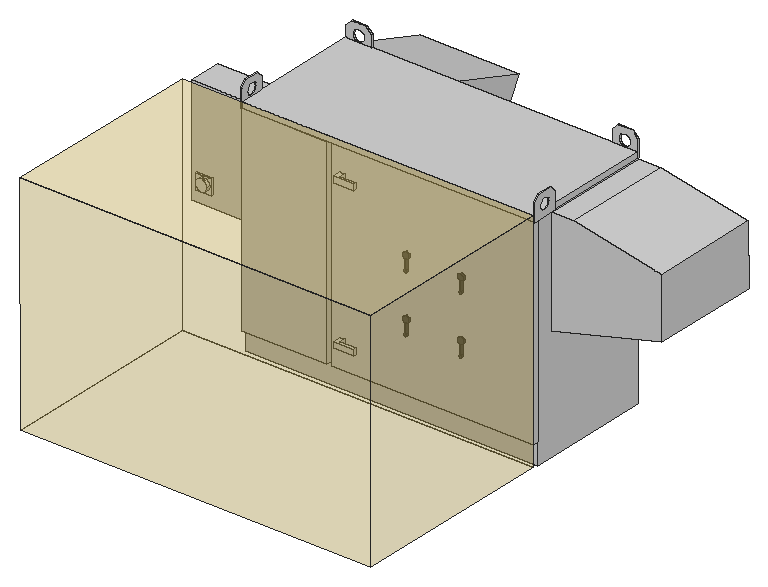
Revit family "Ventilator-RenewAire-Energy-Recovery-HE1XRTV", category Mechanical Equipment, Revit 2015
Parameters (values of type "0.75 HP 120V Single Phase")
  Voltage = "120"
  Ventilation Type = "Static Plate, Heat and Humidity Transfer"
  Unit Width = "40-1/4\""
  Unit Weight = "276-366 lbs."
  Unit Length = "81\""
  Unit Height = "44\""
  Unit = Metal - RenewAire - Anodized - Gray Text
  URL = "www.renewaire.com"
  Typical Airflow Range = "250 - 870 CFM"
  Standard Features = "Non-Fused Disconnect, 24VAC Transformer/Relay Package"
  Shipping Weight = "458 lbs."
  Service Area Visibility = yes
  Service Area Box = Interference - RenewAire - Smooth - Light - Gold
  Revit Object Download Link = ""
  Phase = "Single"
  Options = "Qty. 2 EC Motor (see HE1XRT EC Motor submittal) - 0.5 HP 120V/1Ph/60Hz, 0.5 HP 208-230V/1Ph/60Hz, Integrated programmable controls, Fused disconnect, Double wall construction, Factory supplied and mounted variable frequency drives (VFDs) – one or both airstreams, Class 1 low leakage motorized isolation dampers – OA, RA or both airstreams, Qty. 2 Factory mounted filter alarms, Independent blower control, Exterior Paint - white, custom colors"
  Number Motors = "Qty. 2, 0.75 HP ea., Direct drive blower/standard motor packages"
  Model = "HE1XRTV"
  Minimum Circuit Amps = "20.3"
  Maximum Overcurrent Protection = "25 A"
  Max. Shipping Width = "47\""
  Max. Shipping Length = "96\""
  Max. Shipping Height = "50\""
  Manufacturer = "RenewAire LLC"
  Frequency = "60 HZ"
  FLA per Motor = "9.0"
  Description = "Energy Recovery Ventilator"
  Accessories = "Filters - MERV 13, 2\" (shipped loose), Backdraft damper 12\", Solid state speed control kit - 115V, Qty. 1, 208-230V, Qty. 1, Roof curb - standard 14\", Curb wind clip, Engineered combo curb for Trane RTU, Engineered combo curb for Carrier RTU, Digital time clock - wall mount(TC7D-W), in exterior enclosure (TC7D-E), Motion occupancy control - ceiling mount(MC-C), wall mount(MC-W), Carbon dioxide control - wall mount (CO2-W), duct mount(CO2-D), Electric duct heater – EK series (1-60 KW); designed for indoor ductwork installation only, Indirect gas-fired duct furnace - GH Series (50-400 MBH), installed downstream of any fans"
  AHRI 1060 Certified Core = "One L125-G5"
Types (6): name | Voltage | Phase | Minimum Circuit Amps | Maximum Overcurrent Protection | FLA per Motor
  (no name) | "120" | "Single" | "20.3" | "25 A" | "9.0"
  0.75 HP 120V Single Phase | "120" | "Single" | "20.3" | "25 A" | "9.0"
  0.75 HP 208-230V Single Phase | "208-230" | "Single" | "10.1 A" | "15 A" | "4.5"
  0.75 HP 277V Single Phase | "277" | "Single" | "8.8 A" | "15 A" | "3.9"
  0.75 HP 208-230V Three Phase | "208-230" | "Three" | "5.2 A" | "15 A" | "1.7-2.3"
  0.75 HP 460V Three Phase | "460" | "Three" | "2.6 A" | "15 A" | "1.15"
Reference planes (in)
  plane 1 "Center (Front/Back)": y = 0
  plane 2: z = 0
  plane 3 "Center (Left/Right)": x = 0
Forms (in)
  Extrusion 1, solid, material "Metal - RenewAire - Anodized - Gray Text" <- "Unit"
    sketch origin (0, 0, 0) x (1, 0, 0) y (0, 1, 0)
      loop
        line (-26.4375, 11.5) -> (-26.4375, -10.375) -> (24.5625, -10.375) -> (24.5625, 11.5) -> (-26.4375, 11.5)
    from 0 to 38.5
  Extrusion 2, solid, material "Metal - RenewAire - Anodized - Gray Text"
    sketch origin (-2.6875, 0, 3.625) x (1, 0, 0) y (0, 0, 1)
      loop
        line (27.25, 34.875) -> (-8, 34.875) -> (-8, 0) -> (27.25, 0) -> (27.25, 34.875)
      loop
        line (-23.75, 34.875) -> (-23.75, 0) -> (-8.76605, 0) -> (-8.76605, 34.875) -> (-23.75, 34.875)
    from 10.375 to 11.375
  Extrusion 3, solid, material "Metal - RenewAire - Anodized - Gray Text"
    sketch origin (-13.375, 0, 2.565) x (1, 0, 0) y (0, 0, 1)
      loop
        line (-22.3125, 21.875) -> (-22.3125, 19.185) -> (-19.6225, 19.185) -> (-19.6225, 21.875) -> (-22.3125, 21.875)
    from 9.5 to 9.75
  Extrusion 4, solid, material "Metal - RenewAire - Anodized - Gray Text"
    sketch origin (-13.375, 0, 2.565) x (1, 0, 0) y (0, 0, 1)
      loop
        circle (-20.9675, 20.53) r 1
    from 10.25 to 9.75
  Extrusion 5, solid, material "Interference - RenewAire - Smooth - Light - Gold" <- "Service Area Box", visible <- "Service Area Visibility"
    sketch origin (-1.875, 0, 4.625) x (1, 0, 0) y (0, 0, 1)
      loop
        line (-34.8125, 34.875) -> (-34.8125, -4.625) -> (26.4375, -4.625) -> (26.4375, 34.875) -> (-34.8125, 34.875)
    from 11.375 to 46.875
  Extrusion 6, solid, material "Metal - RenewAire - Anodized - Gray Text" <- "Unit"
    sketch origin (0, 0, 0) x (1, 0, 0) y (0, 0, 1)
      loop
        line (-26.4375, 39.5) -> (-26.4375, 38.5) -> (24.5625, 38.5) -> (24.5625, 39.5) -> (-26.4375, 39.5)
    from -11.5 to 11.375
  Extrusion 7, void
    sketch origin (0, 0, 0) x (1, 0, 0) y (0, 1, 0)
      loop
        line (9.1875, 7.625) -> (9.1875, -4.875) -> (19.4375, -4.875) -> (19.4375, 7.625) -> (9.1875, 7.625)
    from -3.02009 to 3.75
  Extrusion 8, void
    sketch origin (0, 0, 0) x (1, 0, 0) y (0, 1, 0)
      loop
        line (-19.3125, 7.125) -> (-19.3125, 1) -> (-12.0625, 1) -> (-12.0625, 7.125) -> (-19.3125, 7.125)
    from -3.02009 to 3.75
  Extrusion 9, solid, material "Metal - RenewAire - Anodized - Gray Text" <- "Unit"
    sketch origin (0, 0, 0) x (1, 0, 0) y (0, 0, 1)
      loop
        line (-26.4375, 38.5) -> (-36.6875, 38.5) -> (-36.6875, 19.75) -> (-26.4375, 19.75) -> (-26.4375, 38.5)
    from 3.75 to 9.5
  Extrusion 10, solid, material "Metal - RenewAire - Anodized - Gray Text" <- "Unit"
    sketch origin (0, 0, 0) x (1, 0, 0) y (0, 0, 1)
      loop
        line (24.5625, 38.375) -> (24.5625, 19.875) -> (43.8125, 24.875) -> (43.8125, 35.375) -> (28.5625, 38.375) -> (24.5625, 38.375)
    from -11.5 to 7.5
  Extrusion 11, solid, material "Metal - RenewAire - Anodized - Gray Text" <- "Unit"
    sketch origin (0, 0, 0) x (0, 1, 0) y (0, 0, 1)
      loop
        line (11.5, 22.625) -> (17.375, 22.625) -> (23.875, 26.125) -> (27.625, 32.75) -> (11.5, 38.5) -> (11.5, 22.625)
    from -26.4375 to -9.1875
  Extrusion 12, solid, material "Metal - RenewAire - Anodized - Gray Text" <- "Unit"
    sketch origin (0, 0, 0) x (0, 1, 0) y (0, 0, 1)
      loop
        line (-11.375, 38.5) -> (-6.875, 38.5) -> (-6.875, 41.5) -> (-7.875, 42.5) -> (-10.375, 42.5) -> (-11.375, 41.5) -> (-11.375, 38.5)
      loop
        circle (-9.125, 40.5) r 1
    from 24.5625 to 24.75
  Extrusion 13, solid, material "Metal - RenewAire - Anodized - Gray Text" <- "Unit"
    sketch origin (0, 0, 0) x (0, 1, 0) y (0, 0, 1)
      loop
        line (-11.375, 38.5) -> (-6.875, 38.5) -> (-6.875, 41.5) -> (-7.875, 42.5) -> (-10.375, 42.5) -> (-11.375, 41.5) -> (-11.375, 38.5)
      loop
        circle (-9.125, 40.5) r 1
    from -26.625 to -26.4375
  Extrusion 14, solid, material "Metal - RenewAire - Anodized - Gray Text" <- "Unit"
    sketch origin (0, 0, 0) x (1, 0, 0) y (0, 0, 1)
      loop
        line (-26.4375, 38.5) -> (-21.9375, 38.5) -> (-21.9375, 41.5) -> (-22.9375, 42.5) -> (-25.4375, 42.5) -> (-26.4375, 41.5) -> (-26.4375, 38.5)
      loop
        circle (-24.1875, 40.5) r 1
    from -11.6875 to -11.5
  Extrusion 15, solid, material "Metal - RenewAire - Anodized - Gray Text" <- "Unit"
    sketch origin (46.5, 0, 0) x (1, 0, 0) y (0, 0, 1)
      loop
        line (-26.4375, 38.5) -> (-21.9375, 38.5) -> (-21.9375, 41.5) -> (-22.9375, 42.5) -> (-25.4375, 42.5) -> (-26.4375, 41.5) -> (-26.4375, 38.5)
      loop
        circle (-24.1875, 40.5) r 1
    from -11.6875 to -11.5
  Extrusion 16, solid, material "Metal - RenewAire - Anodized - Gray Text" <- "Unit"
    sketch origin (1.5, 0, 0) x (1, 0, 0) y (0, 1, 0)
      loop
        line (-10.6875, -11.375) -> (-10.6875, -12.875) -> (-7.1875, -12.875) -> (-7.1875, -12.375) -> (-9.9375, -12.375) -> (-9.9375, -11.375) -> (-10.6875, -11.375)
    from 33.5 to 34.5
  Extrusion 17, solid, material "Metal - RenewAire - Anodized - Gray Text" <- "Unit"
    sketch origin (1.5, 0, 0) x (1, 0, 0) y (0, 1, 0)
      loop
        line (-10.6875, -11.375) -> (-10.6875, -12.875) -> (-7.1875, -12.875) -> (-7.1875, -12.375) -> (-9.9375, -12.375) -> (-9.9375, -11.375) -> (-10.6875, -11.375)
    from 7.625 to 8.625
  Extrusion 18, void
    sketch origin (0, 0, 0) x (1, 0, 0) y (0, 1, 0)
      loop
        line (-25.9375, 11) -> (-25.9375, -9.875) -> (24.0625, -9.875) -> (24.0625, 11) -> (-25.9375, 11)
    from 0 to 3.625
Cuts and joins
  Extrusion 7, Extrusion 8, Extrusion 18 cuts Extrusion 1
Dimensions and locks (in)
  aligned and locked: level to plane 2
  aligned and locked: nested 1 to Extrusion 5
  aligned and locked: Extrusion 6 to Extrusion 1
Nested families (in)
  nested 1: "Monitoring Port" at (2.4375, -11.375, 13), type "Monitoring Port"
  nested 2: "Monitoring Port" at (2.4375, -11.375, 23), type "Monitoring Port"
  nested 3: "Monitoring Port" at (12.0625, -11.375, 13), type "Monitoring Port"
  nested 4: "Monitoring Port" at (12.0625, -11.375, 23), type "Monitoring Port"
Connectors (in)
  hvac at (14.3125, 1.375, 3.75)
    settings: on cut or joined group of Extrusion 1, Extrusion 7, Extrusion 8, Extrusion 18, index 2, duct flow 0 CFM, flow factor 0, pres drop 0.00 in-wg, loss coef 0, conn angle 0.00°, conn width 12 1/2", conn height 10 1/4", conn diameter 24", duct sys type 2, conn prof type 1, flow config 0, flow direction 1, loss method 0, conn ref index -1, conn util no, is conn primary yes, conn desc "RA (Return Air)"
  hvac at (-15.6875, 4.0625, 3.75)
    settings: on cut or joined group of Extrusion 1, Extrusion 7, Extrusion 8, Extrusion 18, index 3, duct flow 0 CFM, flow factor 0, pres drop 0.00 in-wg, loss coef 0, conn angle 0.00°, conn width 6 1/8", conn height 7 1/4", conn diameter 24", duct sys type 1, conn prof type 1, flow config 0, flow direction 2, loss method 0, conn ref index -1, conn util no, is conn primary no, conn desc "FA (Fresh Air)"
Definition of nested family "Monitoring Port"
  Parameters
    URL = "www.renewaire.com"
    Revit Object Download Link = ""
    Model = ""
    Manufacturer = "RenewAire LLC"
    Description = "Monitoring Ports"
  Reference planes (in)
    plane 1 "Center (Front/Back)": y = 0
    plane 2: z = 0
    plane 3 "Center (Left/Right)": x = 0
  Forms (in)
    Extrusion 1, solid
      sketch origin (-9.43348, 0, 37.76669) x (-1, 0, 0) y (0, 0, -1)
        loop
          line (-9.53348, 35.65895) -> (-9.94097, 35.42369) -> (-9.94097, 34.83769) -> (-9.43348, 34.54469) -> (-8.92599, 34.83769) -> (-8.92599, 35.42369) -> (-9.33348, 35.65895) -> (-9.33348, 37.28756)
          arc (-9.33348, 37.28756) -> (-9.43348, 37.76669) -> (-9.53348, 37.28756) r 0.25
          line (-9.53348, 37.28756) -> (-9.53348, 35.65895)
      from 0 to 0.25
  Dimensions and locks (in)
    aligned and locked: level to plane 2
